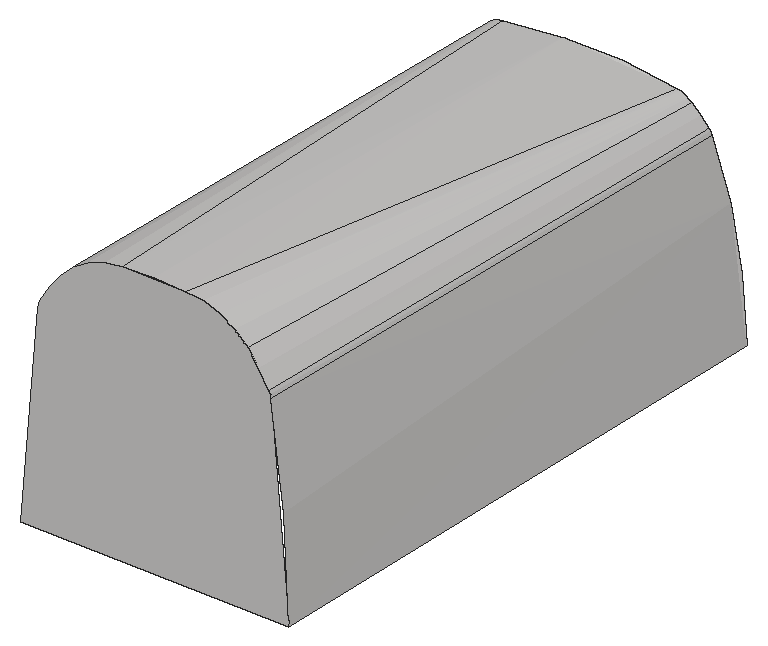
Revit family "NBS_DudleyIndustriesLimited_SoapDpnsrs_PlatinumSoapDispenser_375mlFoamSoap", category Furniture, host Face, Revit 2018
Family settings
  Host = Face
  Cut with Voids When Loaded = No
  Shared = No
  Room Calculation Point = No
Parameters (values of type "PlatinumSoapDispenser_375mlFoamSoap")
  Weight = "0.6 kg"
  WarrantyStartDate [instance] = "1900-12-31T23:59:59"
  WarrantyGuarantorParts = "n/a"
  WarrantyGuarantorLabor = "n/a"
  WarrantyDurationUnit = "year"
  WarrantyDurationParts = "n/a"
  WarrantyDurationLabor = "n/a"
  WarrantyDescription = "10 Years"
  Version = "1"  # constant formula
  Uniclass2015Version = "Products v1.18"
  Uniclass2015Title = "Soap dispensers"
  Uniclass2015Code = "Pr_40_70_22_81"
  TagNumber [instance] = "n/a"
  SustainabilityPerformance = "n/a"
  Style = "Dispenser"
  Status = "UNSET"
  Size = "88 x 194 x 89 mm"
  Shape = "Rectangular"
  SerialNumber [instance] = "n/a"
  Revision = "n/a"
  ReplacementCost = "n/a"
  Reference = "n/a"
  ProductInformation = "https://www.dudleyindustries.com/washroom/product/platinum-375ml-foam-dispenser-cartridge/"
  Operation = "Push"
  NominalWidth = 89 mm  # constant formula
  NominalLength = 0 mm
  NominalHeight = 194 mm  # constant formula
  NominalDepth = 88 mm  # constant formula
  Name = "SoapDispensers_PlatinumSoapDispenser_375mlFoamSoap_DudleyIndustriesLimited"
  NBSReference = "45-35-72/358"
  NBSDescription = "Soap dispensers"
  NBSCertification = "www.nationalbimlibrary.com/cert/blqeur2s"
  ModelReference = "PlatinumSoapDispenser_375mlFoamSoap"
  ModelNumber = "50006CB"
  MaterialsFinishAndColour = "Brushed with clear lacquer"
  MaterialsBody = "Stainless steel"
  Material = "Stainless steel"
  ManufacturerURL = "www.dudleyindustries.com"
  ManufacturerName = "Dudley Industries Limited"  # constant formula
  Manufacturer = "sales@dudleyindustries.com"
  MainColor = "n/a"
  IsBuiltIn = yes
  InstallationDate [instance] = "1900-12-31T23:59:59"
  IfcExportType = "UNDEFINED"  # constant formula
  IfcExportAs = "IfcFurnitureType"  # constant formula
  Grade = "n/a"
  Finish = "Brushed with clear lacquer"
  Features = "Easily operated, easy to unlock, innovative coating helps prevent fingerprint marks, easy to wipe clean"
  ExpectedLife = "n/a"
  DurationUnit = "year"
  DispenserMaterial = NBS_DudleyIndustriesLimited_StainlessSteel_Brushed
  Description = "375ml soap dispenser"
  Default Elevation = 1050 mm
  Constituents = "n/a"
  Color = "n/a"
  CodePerformance = "n/a"
  Category = "Pr_40_70_22_81:Soap dispensers"
  BarCode [instance] = "n/a"
  BIMObjectName = "NBS_DudleyIndustriesLimited_SoapDispensers_PlatinumSoapDispenser_375mlFoamSoap"
  Author = "NBS"  # constant formula
  AssetType = "Fixed"
  AssetIdentifier [instance] = "n/a"
  AccessibilityPerformance = "n/a"
Reference planes
  plane 1 "Bottom": y = 0
  plane 2 "Back": z = 0
  plane 3 "Center (Left/Right)": x = 0
  plane 4 "Left": x = -44.5
  plane 5 "Right": x = 44.5
  plane 6 "Top": y = 194
  plane 7 "Front": z = 88
Forms (mm)
  Extrusion 1, solid, material "NBS_DudleyIndustriesLimited_StainlessSteel_Brushed" <- "DispenserMaterial", detail levels coarse
    sketch origin (0, 0, 0) x (0, 1, 0) y (0, 0, 1)
      loop
        line (194, 0) -> (194, 88) -> (0, 88) -> (0, 0) -> (194, 0)
    from -44.5 to 44.5
  Revolve 2, void
    sketch origin (0, 0, 0) x (0, 1, 0) y (0, 0, 1)
      loop
        line (194, 0) -> (194, 132.308) -> (155.905, 132.308)
        arc (155.905, 132.308) -> (184.287, 68.842) -> (194, 0) r 248.805
      axis (194, 0) -> (155.905, 0)
    angle from -90 to 90
  Blend 3, solid, material "NBS_DudleyIndustriesLimited_StainlessSteel_Brushed" <- "DispenserMaterial", detail levels medium+fine
    base sketch origin (0, 0, 0) x (1, 0, 0) y (0, 0, 1)
      loop
        line (-44.5, 0) -> (44.5, 0)
        arc (44.5, 0) -> (42.901, 32.956) -> (38.81, 65.697) r 435.074
        arc (38.81, 65.697) -> (38.514, 66.862) -> (38.024, 67.959) r 7
        arc (38.024, 67.959) -> (34.718, 73.216) -> (30.85, 78.075) r 56.091
        arc (30.85, 78.075) -> (21.67, 84.966) -> (10.536, 87.756) r 29
        arc (10.536, 87.756) -> (0, 88) -> (-10.536, 87.756) r 227.735
        arc (-10.536, 87.756) -> (-21.67, 84.966) -> (-30.85, 78.075) r 29
        arc (-30.85, 78.075) -> (-34.718, 73.216) -> (-38.024, 67.959) r 56.091
        arc (-38.024, 67.959) -> (-38.514, 66.862) -> (-38.81, 65.697) r 7
        arc (-38.81, 65.697) -> (-42.901, 32.956) -> (-44.5, 0) r 435.074
    top sketch origin (0, 0, 0) x (1, 0, 0) y (0, 0, 1)
      loop
        line (-44.5, 0) -> (44.5, 0)
        arc (44.5, 0) -> (42.974, 32.111) -> (39.081, 64.021) r 435.074
        arc (39.081, 64.021) -> (38.834, 65.014) -> (38.422, 65.951) r 6
        arc (38.422, 65.951) -> (36.38, 69.234) -> (33.982, 72.268) r 34.299
        arc (33.982, 72.268) -> (32.226, 73.628) -> (30.096, 74.256) r 6
        arc (30.096, 74.256) -> (0, 75.775) -> (-30.096, 74.256) r 299.07
        arc (-30.096, 74.256) -> (-32.226, 73.628) -> (-33.982, 72.268) r 6
        arc (-33.982, 72.268) -> (-36.38, 69.234) -> (-38.422, 65.951) r 34.299
        arc (-38.422, 65.951) -> (-38.834, 65.014) -> (-39.081, 64.021) r 6
        arc (-39.081, 64.021) -> (-42.974, 32.111) -> (-44.5, 0) r 435.074
    from 0 to -194
Cuts and joins
  Revolve 2 cuts Blend 3
Lines and regions (mm)
  symbolic lines, detail levels medium+fine
    curve 1: line (0, 181.935, 76.535) -> (0, 0, 88)
Dimensions and locks
  "NominalHeight": plane 1 "Bottom" to plane 6 "Top"
  equal spacing: plane 4 "Left", plane 3 "Center (Left/Right)", plane 5 "Right"
  "NominalWidth": plane 4 "Left" to plane 5 "Right"
  "NominalDepth": plane 7 "Front" to level
  aligned and locked: plane 2 "Back" to host face
  aligned and locked: level to host face
  aligned and locked: plane 6 "Top" to Extrusion 1 sketch curve
  aligned and locked: plane 1 "Bottom" to Extrusion 1 sketch curve
  aligned and locked: plane 7 "Front" to Extrusion 1 sketch curve
  aligned and locked: plane 2 "Back" to Extrusion 1 sketch curve
  aligned and locked: Extrusion 1 to plane 4 "Left"
  aligned and locked: Extrusion 1 to plane 5 "Right"
  aligned and locked: plane 6 "Top" to Revolve 2 sketch curve
  aligned and locked: plane 6 "Top" to Blend 3
Automatic sketch dimensions
  host sketch curve to host sketch curve = 2438.4 mm  (x2)
  Revolve 2 sketch curve to level = 0 mm  (x2)
  Revolve 2 sketch curve to plane 6 "Top" = 38.095 mm
  plane 7 "Front" to Revolve 2 sketch curve = 44.308 mm
  Blend 3 sketch curve to plane 4 "Left" = 0 mm  (x2)
  Blend 3 sketch curve to level = 0 mm
  plane 5 "Right" to Blend 3 sketch curve = 0 mm  (x2)
  Blend 3 sketch curve to level = 4.587 mm  (x4)
  Blend 3 sketch curve to plane 4 "Left" = 346.05 mm
  plane 4 "Left" to Blend 3 sketch curve = 12.598 mm
  Blend 3 sketch curve to plane 3 "Center (Left/Right)" = 11.036 mm
  Blend 3 sketch curve to plane 3 "Center (Left/Right)" = 9.194 mm
  Blend 3 sketch curve to plane 3 "Center (Left/Right)" = 0 mm  (x2)
  plane 3 "Center (Left/Right)" to Blend 3 sketch curve = 9.194 mm
  plane 3 "Center (Left/Right)" to Blend 3 sketch curve = 11.036 mm
  plane 5 "Right" to Blend 3 sketch curve = 12.598 mm
  Blend 3 sketch curve to plane 5 "Right" = 346.05 mm
  Blend 3 sketch curve to level = 139.735 mm
  level to Blend 3 sketch curve = 40.769 mm
  Blend 3 sketch curve to Blend 3 sketch curve = 0 mm  (x17)
  Blend 3 sketch curve to Blend 3 sketch curve = 18.018 mm  (x2)
  Blend 3 sketch curve to Blend 3 sketch curve = 5.779 mm  (x2)
  plane 4 "Left" to Blend 3 sketch curve = 11.344 mm
  Blend 3 sketch curve to Blend 3 sketch curve = 3.663 mm  (x2)
  Blend 3 sketch curve to plane 3 "Center (Left/Right)" = 8.319 mm
  plane 3 "Center (Left/Right)" to Blend 3 sketch curve = 8.319 mm
  plane 5 "Right" to Blend 3 sketch curve = 15.008 mm
  Blend 3 sketch curve to level = 223.295 mm
  Blend 3 sketch curve to plane 7 "Front" = 38.488 mm
  Blend 3 sketch curve to plane 7 "Front" = 24.925 mm  (x2)
  Blend 3 sketch curve to Blend 3 sketch curve = 5.212 mm  (x2)
  Blend 3 sketch curve to Blend 3 sketch curve = 5.925 mm
  level to Blend 3 sketch curve = 0 mm
  curve 1 to plane 1 "Bottom" = 0 mm
  curve 1 to plane 7 "Front" = 0 mm
  curve 1 to plane 6 "Top" = 12.065 mm
  curve 1 to plane 7 "Front" = 11.465 mm
